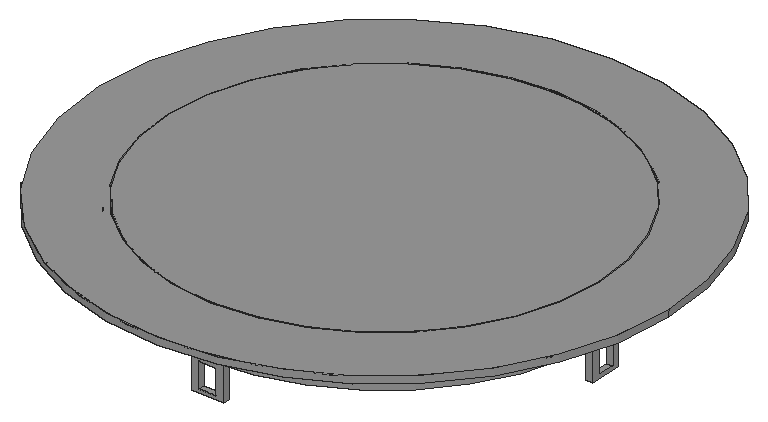
Revit family "Blinddeckel-GES R2B Ni-O", category Generic Models, Revit 2017
Family settings
  Can host rebar = No
  Round Connector Dimension = Use Diameter
  Part Type = Normal
  Work Plane-Based = No
  Always vertical = Yes
  Cut with Voids When Loaded = No
  Shared = No
  Room Calculation Point = No
Parameters (values of type "GES R2B Ni-O")
  URL = "http://www.obo-bettermann.com"
  Material = Die-cast zinc, Nickel-plated
  Manufacturer Art.No. = "7408869"
  Manufacturer = "OBO BETTERMANN"
  GTIN = "4012196689804"
  Article Type = "GES R2B Ni-O"
Types (3, lengths in mm): name | Material | Manufacturer Art.No. | GTIN | Article Type
  (no name) | Die-cast zinc, Nickel-plated | "7408869" | "4012196689804" | "GES R2B Ni-O"
  GES R2B Ni-O | Die-cast zinc, Nickel-plated | "7408869" | "4012196689804" | "GES R2B Ni-O"
  GES R2B KP | Die-cast zinc, Powder-coated | "7408867" | "4012196689798" | "GES R2B KP"
Reference planes
  plane 1 "Center (Front/Back)": y = 0
  plane 2: z = 0
  plane 3 "Center (Left/Right)": x = 0
  plane 4: z = 36.35
  plane 5: z = 16.1
  plane 6: y = 7.9
  plane 7: y = -7.9
  plane 8: y = 7.9
  plane 9: y = -7.9
  plane 10: x = -7.9
  plane 11: x = 7.9
  plane 12: x = -7.9
  plane 13: x = 7.9
Forms (mm)
  Extrusion 1, solid, material "Die-cast zinc, Nickel-plated" <- "Material"
    sketch origin (0, 0, 0) x (1, 0, 0) y (0, 1, 0)
      loop
        circle (0, 0) r 140
      loop
        circle (0, 0) r 106
    from 36.35 to 39.85
  Extrusion 2, solid, material "Die-cast zinc, Nickel-plated" <- "Material"
    sketch origin (0, 0, 0) x (1, 0, 0) y (0, 1, 0)
      loop
        circle (0, 0) r 106
      loop
        circle (0, 0) r 109
    from 16.1 to 36.35
  Extrusion 3, solid, material "Die-cast zinc, Nickel-plated" <- "Material"
    sketch origin (0, 0, 0) x (1, 0, 0) y (0, 1, 0)
      loop
        line (-7.9, 108.713) -> (-7.9, 105.705)
        arc (-7.9, 105.705) -> (0, 106) -> (7.9, 105.705) r 106
        line (7.9, 105.705) -> (7.9, 108.713)
        arc (7.9, 108.713) -> (0, 109) -> (-7.9, 108.713) r 109
      loop
        line (108.713, 7.9) -> (105.705, 7.9)
        arc (105.705, 7.9) -> (106, 0) -> (105.705, -7.9) r 106
        line (105.705, -7.9) -> (108.713, -7.9)
        arc (108.713, -7.9) -> (109, 0) -> (108.713, 7.9) r 109
      loop
        line (-105.705, 7.9) -> (-108.713, 7.9)
        arc (-108.713, 7.9) -> (-109, 0) -> (-108.713, -7.9) r 109
        line (-108.713, -7.9) -> (-105.705, -7.9)
        arc (-105.705, -7.9) -> (-106, 0) -> (-105.705, 7.9) r 106
      loop
        line (-7.9, -105.705) -> (-7.9, -108.713)
        arc (-7.9, -108.713) -> (0, -109) -> (7.9, -108.713) r 109
        line (7.9, -108.713) -> (7.9, -105.705)
        arc (7.9, -105.705) -> (0, -106) -> (-7.9, -105.705) r 106
    from 0 to 16.1
  Extrusion 4, void
    sketch origin (0, 0, 0) x (1, 0, 0) y (0, 0, 1)
      loop
        line (-4.25, 14.1) -> (-4.25, 2) -> (4.25, 2) -> (4.25, 14.1) -> (-4.25, 14.1)
    from 105.709 to 109.088
  Extrusion 5, void
    sketch origin (0, 0, 0) x (1, 0, 0) y (0, 0, 1)
      loop
        line (4.25, 14.1) -> (-4.25, 14.1) -> (-4.25, 2) -> (4.25, 2) -> (4.25, 14.1)
    from -109.108 to -105.695
  Extrusion 6, void
    sketch origin (0, 0, 0) x (0, 1, 0) y (0, 0, 1)
      loop
        line (-4.25, 14.1) -> (-4.25, 2) -> (4.25, 2) -> (4.25, 14.1) -> (-4.25, 14.1)
    from 105.755 to 109.093
  Extrusion 7, void
    sketch origin (0, 0, 0) x (0, 1, 0) y (0, 0, 1)
      loop
        line (4.25, 14.1) -> (-4.25, 14.1) -> (-4.25, 2) -> (4.25, 2) -> (4.25, 14.1)
    from -109.093 to -105.711
  Extrusion 8, solid, material "Die-cast zinc, Nickel-plated" <- "Material"
    sketch origin (0, 0, 0) x (1, 0, 0) y (0, 1, 0)
      loop
        circle (0, 0) r 105.5
    from 36.35 to 39.85
Cuts and joins
  Extrusion 4, Extrusion 5, Extrusion 6, Extrusion 7 cuts Extrusion 3
Dimensions and locks
  locked: plane 3 "Center (Left/Right)" to Extrusion 1 sketch curve at 106
  locked: plane 3 "Center (Left/Right)" to Extrusion 1 sketch curve  (x2)
  locked: plane 3 "Center (Left/Right)" to Extrusion 1 sketch curve at 140
  locked: Extrusion 1 to level at 39.85
  locked: Extrusion 1 to level at 36.35
  locked: plane 3 "Center (Left/Right)" to Extrusion 1 at 106  (x3)
  locked: plane 3 "Center (Left/Right)" to Extrusion 2 sketch curve at 109
  locked: plane 3 "Center (Left/Right)" to Extrusion 2 sketch curve  (x2)
  locked: Extrusion 1 to plane 5 at 20.25
  locked: Extrusion 3 sketch curve to Extrusion 3 sketch curve at 15.8  (x4)
  locked: plane 3 "Center (Left/Right)" to Extrusion 2 at 109
  locked: Extrusion 2 to plane 3 "Center (Left/Right)" at 109
  locked: Extrusion 4 sketch curve to plane 3 "Center (Left/Right)" at 4.25
  locked: plane 3 "Center (Left/Right)" to Extrusion 4 sketch curve at 4.25
  locked: Extrusion 4 sketch curve to Extrusion 3 at 2
  locked: Extrusion 3 to Extrusion 4 sketch curve at 2
  locked: plane 1 "Center (Front/Back)" to Extrusion 6 sketch curve at 4.25
  locked: Extrusion 6 sketch curve to Extrusion 6 sketch curve at 8.5  (x2)
  locked: cut or joined group of Extrusion 3, Extrusion 4, Extrusion 5, Extrusion 6, Extrusion 7 to Extrusion 6 sketch curve at 2
  locked: Extrusion 6 sketch curve to cut or joined group of Extrusion 3, Extrusion 4, Extrusion 5, Extrusion 6, Extrusion 7 at 2
  locked: cut or joined group of Extrusion 3, Extrusion 4, Extrusion 5, Extrusion 6, Extrusion 7 to cut or joined group of Extrusion 3, Extrusion 4, Extrusion 5, Extrusion 6, Extrusion 7 at 8.5
  locked: cut or joined group of Extrusion 3, Extrusion 4, Extrusion 5, Extrusion 6, Extrusion 7 to cut or joined group of Extrusion 3, Extrusion 4, Extrusion 5, Extrusion 6, Extrusion 7 at 12.1
  locked: plane 1 "Center (Front/Back)" to Extrusion 1 at 106
  locked: plane 3 "Center (Left/Right)" to Extrusion 8 sketch curve
  aligned and locked: level to plane 2
  aligned and locked: Extrusion 1 to plane 4
  aligned and locked: Extrusion 2 to Extrusion 1
  aligned and locked: Extrusion 2 to plane 5
  aligned and locked: Extrusion 3 sketch curve to plane 10
  aligned and locked: Extrusion 3 sketch curve to plane 11
  aligned and locked: Extrusion 3 sketch curve to plane 8
  aligned and locked: Extrusion 3 sketch curve to plane 9
  aligned and locked: Extrusion 3 sketch curve to plane 6
  aligned and locked: Extrusion 3 sketch curve to plane 7
  aligned and locked: plane 12 to plane 10
  aligned and locked: plane 13 to plane 11
  aligned and locked: Extrusion 3 sketch curve to plane 12
  aligned and locked: Extrusion 3 sketch curve to plane 13
  aligned and locked: Extrusion 3 to Extrusion 2
  aligned and locked: Extrusion 3 to level
  aligned and locked: Extrusion 5 sketch curve to cut or joined group of Extrusion 3, Extrusion 4, Extrusion 5, Extrusion 6, Extrusion 7  (x3)
  aligned and locked: Extrusion 7 sketch curve to cut or joined group of Extrusion 3, Extrusion 4, Extrusion 5, Extrusion 6, Extrusion 7  (x4)
  aligned and locked: Extrusion 1 to Extrusion 8  (x2)
